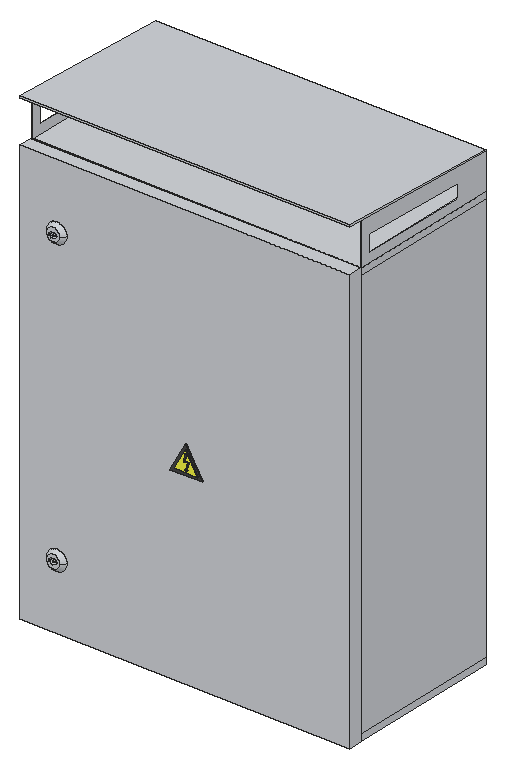
Revit family "STS-504АК_RV17_LOD400 (05.11.23)", category Электрооборудование, Revit 2017
Family settings
  Конфигурация панели = Два столбца, слева направо
  Размер круглого соединителя = Использовать диаметр
  Тип детали = Щит
  На основе рабочей плоскости = Нет
  Всегда вертикально = Да
  При загрузке вырезать с полостями = Нет
  Общий = Нет
  Точка расчета площади = Нет
Parameters (values of type "STS-504АК")
  Степень защиты = "IP54"
  Смещение_УГО_Y [instance] = 0 mm
  Смещение_УГО_X [instance] = 0 mm
  Раздел проекта [instance] = ""
  Раздел Спецификации [instance] = ""
  Поддержание внутренней регулируемой температуры, С = "от 0 до +50"
  Номинальный ток автоматического выключателя напряжения питания, А = 25 A
  Напряжение электропитания постоянного тока вентилятора, В = 12
  Напряжение электропитания переменного тока, В/Гц = "220/50"
  Напряжение = "220"
  Мощность обогрева, Вт = 75
  Мощность = "80"
  Конфигуратор контроллера STS-504 = "https://stilsoft.ru/calc504"
  Диапазон рабочих температур, °С = "от –40 до +50"
  Включение вентиляции при температуре, от, °С = 35
  Видимость_дверь [instance] = yes
  Видимость_УГО [instance] = yes
  Вариант исполнения = "уличный"
  В_Смещение_УГО_Y [instance] = Смещение_УГО_Y + 2000 mm  # 2000 mm
  В_Смещение_УГО_X [instance] = Смещение_УГО_X + 2000 mm  # 2000 mm
  d_короба = 0 mm
  ADSK_Размер_Ширина = 500 mm
  ADSK_Размер_Глубина = 257 mm
  ADSK_Размер_Высота = 715 mm
  ADSK_Примечание = ""
  ADSK_Наименование = "Контроллер STS-504АК"
  ADSK_Масса = 18
  ADSK_Марка = "СТАЕ.426471.550-01"
  ADSK_Количество = 1
  ADSK_Завод-изготовитель = "ООО «Основа Безопасности»"  # constant formula
  ADSK_Единица измерения = "шт."  # constant formula
  ADSK_URL страницы изделия = "https://stilsoft.ru/products/STS-504ak"
  ADSK_URL документации изделия = ""
Reference planes
  plane 1 "По центру (Вперед/Назад)": y = 0
  plane 2: z = 0
  plane 3 "По центру (Влево/Вправо)": x = 0
  plane 4: y = 2000
  plane 5: x = -2000
  plane 6: x = 0
  plane 7: y = 0
  plane 8 "4": x = 250
  plane 9 "3": x = -250
  plane 10 "дверь": y = -257
  plane 11: z = 650
  plane 12 "1": z = 6
  plane 13 "крыша": through (0, -257, 715) normal (0, -0.0389, -0.9992)
  plane 14: z = 715
Forms (mm)
  Extrusion 1, solid, detail levels medium+fine
    sketch origin (0, 0, 0) x (1, 0, 0) y (0, 1, 0)
      loop
        line (-250, 0) -> (-250, -235) -> (-240, -235) -> (-240, -10) -> (240, -10) -> (240, -235) -> (250, -235) -> (250, 0) -> (-250, 0)
    from 16 to 640
  Extrusion 2, solid, detail levels medium+fine
    sketch origin (0, 0, 0) x (1, 0, 0) y (0, 0, 1)
      loop
        line (-250, 16) -> (-250, 6) -> (250, 6) -> (250, 16) -> (-250, 16)
      loop
        line (-250, 650) -> (-250, 640) -> (250, 640) -> (250, 650) -> (-250, 650)
    from 0 to 235
  Revolve 3, solid, detail levels medium+fine
    sketch origin (-125, -42.49, 0) x (0, -1, 0) y (0, 0, 1)
      loop
        line (0, 0) -> (12, 0) -> (12, 2) -> (14.5, 2) -> (14.5, 4) -> (17, 4) -> (17, 4.951) -> (20.994, 4.951) -> (20.994, 6) -> (0, 6) -> (0, 0)
      axis (0, 6) -> (0, 0)
    angle from 0 to 360
  Revolve 4, solid, detail levels medium+fine
    sketch origin (-75, -55.774, 1200) x (0, -1, 0) y (0, 0, 1)
      loop
        line (-13.284, -1200) -> (-1.284, -1200) -> (-1.284, -1198) -> (1.216, -1198) -> (1.216, -1196) -> (3.716, -1196) -> (3.716, -1195.049) -> (7.71, -1195.049) -> (7.71, -1194) -> (-13.284, -1194) -> (-13.284, -1200)
      axis (-13.284, -1194) -> (-13.284, -1200)
    angle from 0 to 360
  Revolve 5, solid, detail levels medium+fine
    sketch origin (-25, -42.49, 0) x (0, -1, 0) y (0, 0, 1)
      loop
        line (0, 0) -> (12, 0) -> (12, 2) -> (14.5, 2) -> (14.5, 4) -> (17, 4) -> (17, 4.951) -> (20.994, 4.951) -> (20.994, 6) -> (0, 6) -> (0, 0)
      axis (0, 6) -> (0, 0)
    angle from 0 to 360
  Revolve 6, solid, detail levels medium+fine
    sketch origin (25, -55.774, 1200) x (0, -1, 0) y (0, 0, 1)
      loop
        line (-13.284, -1200) -> (-1.284, -1200) -> (-1.284, -1198) -> (1.216, -1198) -> (1.216, -1196) -> (3.716, -1196) -> (3.716, -1195.049) -> (7.71, -1195.049) -> (7.71, -1194) -> (-13.284, -1194) -> (-13.284, -1200)
      axis (-13.284, -1194) -> (-13.284, -1200)
    angle from 0 to 360
  Revolve 7, solid, detail levels medium+fine
    sketch origin (75, -42.49, 0) x (0, -1, 0) y (0, 0, 1)
      loop
        line (0, 0) -> (12, 0) -> (12, 2) -> (14.5, 2) -> (14.5, 4) -> (17, 4) -> (17, 4.951) -> (20.994, 4.951) -> (20.994, 6) -> (0, 6) -> (0, 0)
      axis (0, 6) -> (0, 0)
    angle from 0 to 360
  Revolve 8, solid, detail levels medium+fine
    sketch origin (125, -55.774, 1200) x (0, -1, 0) y (0, 0, 1)
      loop
        line (-13.284, -1200) -> (-1.284, -1200) -> (-1.284, -1198) -> (1.216, -1198) -> (1.216, -1196) -> (3.716, -1196) -> (3.716, -1195.049) -> (7.71, -1195.049) -> (7.71, -1194) -> (-13.284, -1194) -> (-13.284, -1200)
      axis (-13.284, -1194) -> (-13.284, -1200)
    angle from 0 to 360
  Revolve 9, solid, detail levels medium+fine
    sketch origin (-100, -97, 0) x (0, -1, 0) y (0, 0, 1)
      loop
        line (0, 0) -> (12, 0) -> (12, 2) -> (14.5, 2) -> (14.5, 4) -> (17, 4) -> (17, 4.951) -> (20.994, 4.951) -> (20.994, 6) -> (0, 6) -> (0, 0)
      axis (0, 6) -> (0, 0)
    angle from 0 to 360
  Revolve 10, solid, detail levels medium+fine
    sketch origin (-50, -110.284, 1200) x (0, -1, 0) y (0, 0, 1)
      loop
        line (-13.284, -1200) -> (-1.284, -1200) -> (-1.284, -1198) -> (1.216, -1198) -> (1.216, -1196) -> (3.716, -1196) -> (3.716, -1195.049) -> (7.71, -1195.049) -> (7.71, -1194) -> (-13.284, -1194) -> (-13.284, -1200)
      axis (-13.284, -1194) -> (-13.284, -1200)
    angle from 0 to 360
  Revolve 11, solid, detail levels medium+fine
    sketch origin (0, -97, 0) x (0, -1, 0) y (0, 0, 1)
      loop
        line (0, 0) -> (12, 0) -> (12, 2) -> (14.5, 2) -> (14.5, 4) -> (17, 4) -> (17, 4.951) -> (20.994, 4.951) -> (20.994, 6) -> (0, 6) -> (0, 0)
      axis (0, 6) -> (0, 0)
    angle from 0 to 360
  Revolve 12, solid, detail levels medium+fine
    sketch origin (50, -110.284, 1200) x (0, -1, 0) y (0, 0, 1)
      loop
        line (-13.284, -1200) -> (-1.284, -1200) -> (-1.284, -1198) -> (1.216, -1198) -> (1.216, -1196) -> (3.716, -1196) -> (3.716, -1195.049) -> (7.71, -1195.049) -> (7.71, -1194) -> (-13.284, -1194) -> (-13.284, -1200)
      axis (-13.284, -1194) -> (-13.284, -1200)
    angle from 0 to 360
  Revolve 13, solid, detail levels medium+fine
    sketch origin (100, -97, 0) x (0, -1, 0) y (0, 0, 1)
      loop
        line (0, 0) -> (12, 0) -> (12, 2) -> (14.5, 2) -> (14.5, 4) -> (17, 4) -> (17, 4.951) -> (20.994, 4.951) -> (20.994, 6) -> (0, 6) -> (0, 0)
      axis (0, 6) -> (0, 0)
    angle from 0 to 360
  Extrusion 14, void
    sketch origin (0, 0, 0) x (1, 0, 0) y (0, 1, 0)
      loop
        circle (-125, -42.655) r 21.159
      loop
        circle (-75, -42.655) r 21.159
      loop
        circle (-25, -42.655) r 21.159
      loop
        circle (25, -42.655) r 21.159
      loop
        circle (75, -42.655) r 21.159
      loop
        circle (125, -42.655) r 21.159
      loop
        circle (-100, -97.165) r 21.159
      loop
        circle (-50, -97.165) r 21.159
      loop
        circle (0, -97.165) r 21.159
      loop
        circle (50, -97.165) r 21.159
      loop
        circle (100, -97.165) r 21.159
    from 6 to 16
  Extrusion 15, solid, visible <- "Видимость_дверь", detail levels medium+fine
    sketch origin (0, -257, -6.264) x (1, 0, 0) y (0, 0, 1)
      loop
        line (-250, 656.264) -> (-250, 12.264) -> (250, 12.264) -> (250, 656.264) -> (-250, 656.264)
    from 0 to -20
  Extrusion 16, solid, detail levels medium+fine
    sketch origin (-250, 0, 0) x (0, -1, 0) y (0, 0, 1)
      loop
        line (0, 705) -> (257, 715) -> (257, 717) -> (0, 707) -> (0, 705)
    from 0 to -500
  Extrusion 17, solid, detail levels medium+fine
    sketch origin (-250, 0, -60) x (0, -1, 0) y (0, 0, 1)
      loop
        line (0, 765) -> (0, 710) -> (235, 710) -> (235, 774.144) -> (0, 765)
      loop
        line (53.915, 722.913) -> (217.367, 722.913)
        arc (217.367, 722.913) -> (220.373, 724.158) -> (221.619, 727.165) r 4.252
        line (221.619, 727.165) -> (221.619, 746.005)
        arc (221.619, 746.005) -> (220.46, 748.802) -> (217.664, 749.96) r 3.955
        line (217.664, 749.96) -> (54.15, 743.597)
        arc (54.15, 743.597) -> (52.36, 742.855) -> (51.618, 741.064) r 2.532
        line (51.618, 741.064) -> (51.618, 725.21)
        arc (51.618, 725.21) -> (52.291, 723.585) -> (53.915, 722.913) r 2.297
    from 0 to -1
  Blend 18, solid, visible <- "Видимость_дверь", detail levels medium+fine
    base sketch origin (-257.145, -257, 209.136) x (1, 0, 0) y (0, 0, 1)
      loop
        circle (62.491, 341.124) r 15
    top sketch origin (-257.145, -257, 209.136) x (1, 0, 0) y (0, 0, 1)
      loop
        circle (62.491, 341.124) r 10
    from 0 to 6
  Extrusion 19, void, detail levels medium+fine
    sketch origin (-257.145, -257, 209.136) x (1, 0, 0) y (0, 0, 1)
      loop
        circle (62.263, 340.268) r 0.888
      loop
        line (55.364, 341.514) -> (55.364, 339.117) -> (57.397, 339.117)
        arc (57.397, 339.117) -> (62.263, 335.268) -> (67.128, 339.117) r 5
        line (67.128, 339.117) -> (69.161, 339.117) -> (69.161, 341.514) -> (67.105, 341.514)
        arc (67.105, 341.514) -> (62.263, 345.268) -> (57.42, 341.514) r 5
        line (57.42, 341.514) -> (55.364, 341.514)
    from 6 to 0.529
  Blend 20, solid, visible <- "Видимость_дверь", detail levels medium+fine
    base sketch origin (-257.145, -257, 296.864) x (1, 0, 0) y (0, 0, 1)
      loop
        circle (62.491, -191.124) r 15
    top sketch origin (-257.145, -257, 296.864) x (1, 0, 0) y (0, 0, 1)
      loop
        circle (62.491, -191.124) r 10
    from 0 to 6
  Extrusion 21, void, detail levels medium+fine
    sketch origin (-257.145, -257, 296.864) x (1, 0, 0) y (0, 0, 1)
      loop
        circle (62.263, -190.268) r 0.888
      loop
        line (55.364, -191.514) -> (57.42, -191.514)
        arc (57.42, -191.514) -> (62.263, -195.268) -> (67.105, -191.514) r 5
        line (67.105, -191.514) -> (69.161, -191.514) -> (69.161, -189.117) -> (67.128, -189.117)
        arc (67.128, -189.117) -> (62.263, -185.268) -> (57.397, -189.117) r 5
        line (57.397, -189.117) -> (55.364, -189.117) -> (55.364, -191.514)
    from 6 to 0.529
  Extrusion 22, solid, material "ЗНАЧЕК (1)", visible <- "Видимость_дверь", detail levels medium+fine
    sketch origin (2.041, -257, 159.413) x (1, 0, 0) y (0, 0, 1)
      loop
        line (25, 130) -> (0, 173) -> (-25, 130) -> (25, 130)
    from 0 to 0.2
  Extrusion 23, solid, material "ЗНАЧЕК (2)", visible <- "Видимость_дверь", detail levels medium+fine
    sketch origin (2.041, -257, 159.413) x (1, 0, 0) y (0, 0, 1)
      loop
        line (18, 134) -> (0, 165) -> (-18, 134) -> (18, 134)
    from 0 to 0.3
  Extrusion 24, solid, material "ЗНАЧЕК (1)", visible <- "Видимость_дверь", detail levels medium+fine
    sketch origin (2.041, -257, 159.413) x (1, 0, 0) y (0, 0, 1)
      loop
        line (0, 159.8) -> (-1.4, 159.8) -> (-4.015, 147.497) -> (2.6, 148.075) -> (-0.309, 137.932) -> (-1.555, 137.932) -> (0, 135.238) -> (1.886, 137.932) -> (0.321, 137.932) -> (4.567, 149.598) -> (-2.041, 149.251) -> (1.799, 159.8) -> (0, 159.8)
    from 0 to 0.4
  Extrusion 25, solid, detail levels medium+fine
    sketch origin (250, 0, -60) x (0, -1, 0) y (0, 0, -1)
      loop
        line (0, -765) -> (235, -774.144) -> (235, -710) -> (0, -710) -> (0, -765)
      loop
        arc (53.915, -722.913) -> (52.291, -723.585) -> (51.618, -725.21) r 2.297
        line (51.618, -725.21) -> (51.618, -741.064)
        arc (51.618, -741.064) -> (52.36, -742.855) -> (54.15, -743.597) r 2.532
        line (54.15, -743.597) -> (217.664, -749.96)
        arc (217.664, -749.96) -> (220.46, -748.802) -> (221.619, -746.005) r 3.955
        line (221.619, -746.005) -> (221.619, -727.165)
        arc (221.619, -727.165) -> (220.373, -724.158) -> (217.367, -722.913) r 4.252
        line (217.367, -722.913) -> (53.915, -722.913)
    from 0 to -1
Cuts and joins
  Extrusion 14 cuts Extrusion 2
  Extrusion 19, Extrusion 21 cuts Blend 18
  Extrusion 21 cuts Blend 20
Dimensions and locks
  locked: plane 4 to plane 1 "По центру (Вперед/Назад)" at 2000
  locked: plane 5 to plane 3 "По центру (Влево/Вправо)" at 2000
  "В_Смещение_УГО_X": plane 5 to plane 6
  "В_Смещение_УГО_Y": plane 4 to plane 7
  "ADSK_Размер_Ширина": plane 9 "3" to plane 8 "4"
  "ADSK_Размер_Глубина": plane 10 "дверь" to plane 1 "По центру (Вперед/Назад)"
  equal spacing: plane 9 "3", plane 3 "По центру (Влево/Вправо)", plane 8 "4"
  "ADSK_Размер_Высота": plane 14 to level
  aligned and locked: level to plane 2
  aligned and locked: nested 1 to plane 7
  aligned and locked: plane 6 to nested 1
Automatic sketch dimensions
  plane 1 "По центру (Вперед/Назад)" to Extrusion 1 sketch curve = 0 mm
  Extrusion 1 sketch curve to plane 9 "3" = 0 mm
  Extrusion 1 sketch curve to plane 8 "4" = 0 mm
  Extrusion 1 sketch curve to plane 9 "3" = 10 mm
  Extrusion 1 sketch curve to plane 8 "4" = 10 mm
  plane 1 "По центру (Вперед/Назад)" to Extrusion 1 sketch curve = 10 mm
  Extrusion 1 sketch curve to plane 10 "дверь" = 22 mm  (x2)
  plane 9 "3" to Extrusion 2 sketch curve = 0 mm  (x2)
  Extrusion 2 sketch curve to plane 8 "4" = 0 mm  (x2)
  Extrusion 2 sketch curve to plane 12 "1" = 0 mm
  Extrusion 2 sketch curve to plane 11 = 0 mm
  plane 12 "1" to Extrusion 2 sketch curve = 10 mm
  Extrusion 2 sketch curve to plane 11 = 10 mm
  Revolve 3 sketch curve to plane 12 "1" = 0 mm  (x2)
  Revolve 3 sketch curve to level = 0 mm  (x2)
  plane 1 "По центру (Вперед/Назад)" to Revolve 3 sketch curve = 42.49 mm
  level to Revolve 3 sketch curve = 2 mm
  Revolve 3 sketch curve to Revolve 3 sketch curve = 12 mm
  Revolve 3 sketch curve to Revolve 3 sketch curve = 2.5 mm  (x2)
  Revolve 3 sketch curve to plane 12 "1" = 1.049 mm
  Revolve 3 sketch curve to Revolve 3 sketch curve = 3.994 mm
  Revolve 3 sketch curve to plane 12 "1" = 2 mm
  Revolve 3 sketch curve to Revolve 3 sketch curve = 0 mm
  Revolve 4 sketch curve to plane 12 "1" = 0 mm  (x2)
  Revolve 4 sketch curve to level = 0 mm  (x2)
  plane 1 "По центру (Вперед/Назад)" to Revolve 4 sketch curve = 42.49 mm
  level to Revolve 4 sketch curve = 2 mm
  Revolve 4 sketch curve to Revolve 4 sketch curve = 12 mm
  Revolve 4 sketch curve to Revolve 4 sketch curve = 2.5 mm  (x2)
  Revolve 4 sketch curve to plane 12 "1" = 1.049 mm
  Revolve 4 sketch curve to Revolve 4 sketch curve = 3.994 mm
  Revolve 4 sketch curve to plane 12 "1" = 2 mm
  Revolve 4 sketch curve to Revolve 4 sketch curve = 0 mm
  Revolve 5 sketch curve to plane 12 "1" = 0 mm  (x2)
  Revolve 5 sketch curve to level = 0 mm  (x2)
  plane 1 "По центру (Вперед/Назад)" to Revolve 5 sketch curve = 42.49 mm
  level to Revolve 5 sketch curve = 2 mm
  Revolve 5 sketch curve to Revolve 5 sketch curve = 12 mm
  Revolve 5 sketch curve to Revolve 5 sketch curve = 2.5 mm  (x2)
  Revolve 5 sketch curve to plane 12 "1" = 1.049 mm
  Revolve 5 sketch curve to Revolve 5 sketch curve = 3.994 mm
  Revolve 5 sketch curve to plane 12 "1" = 2 mm
  Revolve 5 sketch curve to Revolve 5 sketch curve = 0 mm
  Revolve 6 sketch curve to plane 12 "1" = 0 mm  (x2)
  Revolve 6 sketch curve to level = 0 mm  (x2)
  plane 1 "По центру (Вперед/Назад)" to Revolve 6 sketch curve = 42.49 mm
  level to Revolve 6 sketch curve = 2 mm
  Revolve 6 sketch curve to Revolve 6 sketch curve = 12 mm
  Revolve 6 sketch curve to Revolve 6 sketch curve = 2.5 mm  (x2)
  Revolve 6 sketch curve to plane 12 "1" = 1.049 mm
  Revolve 6 sketch curve to Revolve 6 sketch curve = 3.994 mm
  Revolve 6 sketch curve to plane 12 "1" = 2 mm
  Revolve 6 sketch curve to Revolve 6 sketch curve = 0 mm
  Revolve 7 sketch curve to plane 12 "1" = 0 mm  (x2)
  Revolve 7 sketch curve to level = 0 mm  (x2)
  plane 1 "По центру (Вперед/Назад)" to Revolve 7 sketch curve = 42.49 mm
  level to Revolve 7 sketch curve = 2 mm
  Revolve 7 sketch curve to Revolve 7 sketch curve = 12 mm
  Revolve 7 sketch curve to Revolve 7 sketch curve = 2.5 mm  (x2)
  Revolve 7 sketch curve to plane 12 "1" = 1.049 mm
  Revolve 7 sketch curve to Revolve 7 sketch curve = 3.994 mm
  Revolve 7 sketch curve to plane 12 "1" = 2 mm
  Revolve 7 sketch curve to Revolve 7 sketch curve = 0 mm
  Revolve 8 sketch curve to plane 12 "1" = 0 mm  (x2)
  Revolve 8 sketch curve to level = 0 mm  (x2)
  plane 1 "По центру (Вперед/Назад)" to Revolve 8 sketch curve = 42.49 mm
  level to Revolve 8 sketch curve = 2 mm
  Revolve 8 sketch curve to Revolve 8 sketch curve = 12 mm
  Revolve 8 sketch curve to Revolve 8 sketch curve = 2.5 mm  (x2)
  Revolve 8 sketch curve to plane 12 "1" = 1.049 mm
  Revolve 8 sketch curve to Revolve 8 sketch curve = 3.994 mm
  Revolve 8 sketch curve to plane 12 "1" = 2 mm
  Revolve 8 sketch curve to Revolve 8 sketch curve = 0 mm
  Revolve 9 sketch curve to plane 12 "1" = 0 mm  (x2)
  Revolve 9 sketch curve to level = 0 mm  (x2)
  plane 1 "По центру (Вперед/Назад)" to Revolve 9 sketch curve = 97 mm
  level to Revolve 9 sketch curve = 2 mm
  Revolve 9 sketch curve to Revolve 9 sketch curve = 12 mm
  Revolve 9 sketch curve to Revolve 9 sketch curve = 2.5 mm  (x2)
  Revolve 9 sketch curve to plane 12 "1" = 1.049 mm
  Revolve 9 sketch curve to Revolve 9 sketch curve = 3.994 mm
  Revolve 9 sketch curve to plane 12 "1" = 2 mm
  Revolve 9 sketch curve to Revolve 9 sketch curve = 0 mm
  Revolve 10 sketch curve to plane 12 "1" = 0 mm  (x2)
  Revolve 10 sketch curve to level = 0 mm  (x2)
  plane 1 "По центру (Вперед/Назад)" to Revolve 10 sketch curve = 97 mm
  level to Revolve 10 sketch curve = 2 mm
  Revolve 10 sketch curve to Revolve 10 sketch curve = 12 mm
  Revolve 10 sketch curve to Revolve 10 sketch curve = 2.5 mm  (x2)
  Revolve 10 sketch curve to plane 12 "1" = 1.049 mm
  Revolve 10 sketch curve to Revolve 10 sketch curve = 3.994 mm
  Revolve 10 sketch curve to plane 12 "1" = 2 mm
  Revolve 10 sketch curve to Revolve 10 sketch curve = 0 mm
  Revolve 11 sketch curve to plane 12 "1" = 0 mm  (x2)
  Revolve 11 sketch curve to level = 0 mm  (x2)
  plane 1 "По центру (Вперед/Назад)" to Revolve 11 sketch curve = 97 mm
  level to Revolve 11 sketch curve = 2 mm
  Revolve 11 sketch curve to Revolve 11 sketch curve = 12 mm
  Revolve 11 sketch curve to Revolve 11 sketch curve = 2.5 mm  (x2)
  Revolve 11 sketch curve to plane 12 "1" = 1.049 mm
  Revolve 11 sketch curve to Revolve 11 sketch curve = 3.994 mm
  Revolve 11 sketch curve to plane 12 "1" = 2 mm
  Revolve 11 sketch curve to Revolve 11 sketch curve = 0 mm
  Revolve 12 sketch curve to plane 12 "1" = 0 mm  (x2)
  Revolve 12 sketch curve to level = 0 mm  (x2)
  plane 1 "По центру (Вперед/Назад)" to Revolve 12 sketch curve = 97 mm
  level to Revolve 12 sketch curve = 2 mm
  Revolve 12 sketch curve to Revolve 12 sketch curve = 12 mm
  Revolve 12 sketch curve to Revolve 12 sketch curve = 2.5 mm  (x2)
  Revolve 12 sketch curve to plane 12 "1" = 1.049 mm
  Revolve 12 sketch curve to Revolve 12 sketch curve = 3.994 mm
  Revolve 12 sketch curve to plane 12 "1" = 2 mm
  Revolve 12 sketch curve to Revolve 12 sketch curve = 0 mm
  Revolve 13 sketch curve to plane 12 "1" = 0 mm  (x2)
  Revolve 13 sketch curve to level = 0 mm  (x2)
  plane 1 "По центру (Вперед/Назад)" to Revolve 13 sketch curve = 97 mm
  level to Revolve 13 sketch curve = 2 mm
  Revolve 13 sketch curve to Revolve 13 sketch curve = 12 mm
  Revolve 13 sketch curve to Revolve 13 sketch curve = 2.5 mm  (x2)
  Revolve 13 sketch curve to plane 12 "1" = 1.049 mm
  Revolve 13 sketch curve to Revolve 13 sketch curve = 3.994 mm
  Revolve 13 sketch curve to plane 12 "1" = 2 mm
  Revolve 13 sketch curve to Revolve 13 sketch curve = 0 mm
  Extrusion 14 sketch curve to plane 3 "По центру (Влево/Вправо)" = 0 mm
  Extrusion 14 sketch curve to plane 3 "По центру (Влево/Вправо)" = 25 mm
  Extrusion 14 sketch curve to plane 3 "По центру (Влево/Вправо)" = 50 mm
  Extrusion 14 sketch curve to Extrusion 14 sketch curve = 50 mm  (x7)
  plane 3 "По центру (Влево/Вправо)" to Extrusion 14 sketch curve = 25 mm
  plane 1 "По центру (Вперед/Назад)" to Extrusion 14 sketch curve = 97.165 mm  (x2)
  Extrusion 14 sketch curve to Extrusion 14 sketch curve = 0 mm  (x3)
  plane 1 "По центру (Вперед/Назад)" to Extrusion 14 sketch curve = 42.655 mm  (x6)
  plane 9 "3" to Extrusion 15 sketch curve = 0 mm
  Extrusion 15 sketch curve to plane 8 "4" = 0 mm
  Extrusion 15 sketch curve to plane 12 "1" = 0 mm
  Extrusion 15 sketch curve to plane 11 = 0 mm
  Extrusion 16 sketch curve to plane 1 "По центру (Вперед/Назад)" = 0 mm
  Extrusion 16 sketch curve to plane 10 "дверь" = 0 mm
  plane 13 "крыша" to Extrusion 16 sketch curve = 0 mm  (x2)
  Extrusion 16 sketch curve to Extrusion 16 sketch curve = 2 mm  (x2)
  Extrusion 17 sketch curve to plane 1 "По центру (Вперед/Назад)" = 0 mm
  Extrusion 17 sketch curve to plane 10 "дверь" = 22 mm
  Extrusion 17 sketch curve to plane 11 = 0 mm
  plane 13 "крыша" to Extrusion 17 sketch curve = 0 mm  (x2)
  plane 1 "По центру (Вперед/Назад)" to Extrusion 17 sketch curve = 51.618 mm
  Extrusion 17 sketch curve to Extrusion 17 sketch curve = 2.297 mm
  Extrusion 17 sketch curve to Extrusion 17 sketch curve = 2.532 mm
  plane 11 to Extrusion 17 sketch curve = 12.913 mm
  Extrusion 17 sketch curve to plane 10 "дверь" = 39.633 mm
  Extrusion 17 sketch curve to Extrusion 17 sketch curve = 0.297 mm
  Extrusion 17 sketch curve to Extrusion 17 sketch curve = 3.955 mm
  Extrusion 17 sketch curve to Extrusion 17 sketch curve = 15.855 mm
  Extrusion 17 sketch curve to Extrusion 17 sketch curve = 18.841 mm
  Blend 18 sketch curve to plane 9 "3" = 55.347 mm  (x2)
  Blend 18 sketch curve to plane 11 = 99.74 mm  (x2)
  Extrusion 19 sketch curve to Extrusion 19 sketch curve = 0 mm  (x6)
  Extrusion 19 sketch curve to plane 9 "3" = 48.219 mm
  Extrusion 19 sketch curve to Extrusion 19 sketch curve = 2.033 mm
  Extrusion 19 sketch curve to Extrusion 19 sketch curve = 2.057 mm  (x2)
  Extrusion 19 sketch curve to Extrusion 19 sketch curve = 4.866 mm
  Extrusion 19 sketch curve to Extrusion 19 sketch curve = 4.842 mm
  Extrusion 19 sketch curve to Extrusion 19 sketch curve = 0.023 mm
  Extrusion 19 sketch curve to plane 11 = 101.747 mm
  Extrusion 19 sketch curve to Extrusion 19 sketch curve = 1.151 mm
  Extrusion 19 sketch curve to Extrusion 19 sketch curve = 2.396 mm
  Blend 20 sketch curve to plane 9 "3" = 55.347 mm  (x2)
  plane 12 "1" to Blend 20 sketch curve = 99.74 mm  (x2)
  Extrusion 21 sketch curve to Extrusion 21 sketch curve = 0 mm  (x6)
  Extrusion 21 sketch curve to plane 9 "3" = 48.219 mm
  Extrusion 21 sketch curve to Extrusion 21 sketch curve = 2.033 mm
  Extrusion 21 sketch curve to Extrusion 21 sketch curve = 2.057 mm  (x2)
  Extrusion 21 sketch curve to Extrusion 21 sketch curve = 4.866 mm
  Extrusion 21 sketch curve to Extrusion 21 sketch curve = 4.842 mm
  Extrusion 21 sketch curve to Extrusion 21 sketch curve = 0.023 mm
  plane 12 "1" to Extrusion 21 sketch curve = 99.351 mm
  Extrusion 21 sketch curve to Extrusion 21 sketch curve = 1.246 mm
  Extrusion 21 sketch curve to Extrusion 21 sketch curve = 2.396 mm
  Extrusion 22 sketch curve to plane 3 "По центру (Влево/Вправо)" = 22.959 mm
  plane 3 "По центру (Влево/Вправо)" to Extrusion 22 sketch curve = 2.041 mm
  plane 3 "По центру (Влево/Вправо)" to Extrusion 22 sketch curve = 27.041 mm
  plane 12 "1" to Extrusion 22 sketch curve = 283.413 mm
  Extrusion 22 sketch curve to Extrusion 22 sketch curve = 43 mm
  Extrusion 23 sketch curve to plane 3 "По центру (Влево/Вправо)" = 15.959 mm
  plane 3 "По центру (Влево/Вправо)" to Extrusion 23 sketch curve = 2.041 mm
  plane 3 "По центру (Влево/Вправо)" to Extrusion 23 sketch curve = 20.041 mm
  plane 12 "1" to Extrusion 23 sketch curve = 287.413 mm
  Extrusion 23 sketch curve to Extrusion 23 sketch curve = 31 mm
  Extrusion 24 sketch curve to plane 3 "По центру (Влево/Вправо)" = 1.975 mm
  Extrusion 24 sketch curve to Extrusion 24 sketch curve = 1.975 mm
  plane 3 "По центру (Влево/Вправо)" to Extrusion 24 sketch curve = 0.485 mm
  plane 3 "По центру (Влево/Вправо)" to Extrusion 24 sketch curve = 0.641 mm
  Extrusion 24 sketch curve to Extrusion 24 sketch curve = 1.246 mm
  Extrusion 24 sketch curve to Extrusion 24 sketch curve = 1.4 mm
  Extrusion 24 sketch curve to Extrusion 24 sketch curve = 0.309 mm
  Extrusion 24 sketch curve to Extrusion 24 sketch curve = 0.63 mm
  Extrusion 24 sketch curve to Extrusion 24 sketch curve = 1.799 mm
  Extrusion 24 sketch curve to Extrusion 24 sketch curve = 1.565 mm
  Extrusion 24 sketch curve to Extrusion 24 sketch curve = 4.64 mm
  Extrusion 24 sketch curve to Extrusion 24 sketch curve = 1.968 mm
  plane 12 "1" to Extrusion 24 sketch curve = 288.651 mm
  Extrusion 24 sketch curve to Extrusion 24 sketch curve = 2.694 mm
  Extrusion 24 sketch curve to Extrusion 24 sketch curve = 0 mm
  Extrusion 24 sketch curve to Extrusion 24 sketch curve = 9.564 mm
  Extrusion 24 sketch curve to Extrusion 24 sketch curve = 0.579 mm
  Extrusion 24 sketch curve to Extrusion 24 sketch curve = 1.755 mm
  Extrusion 24 sketch curve to Extrusion 24 sketch curve = 1.522 mm
  Extrusion 24 sketch curve to Extrusion 24 sketch curve = 10.549 mm
  Extrusion 25 sketch curve to plane 1 "По центру (Вперед/Назад)" = 0 mm
  Extrusion 25 sketch curve to plane 10 "дверь" = 22 mm
  Extrusion 25 sketch curve to plane 13 "крыша" = 0 mm  (x2)
  Extrusion 25 sketch curve to plane 11 = 0 mm
  plane 1 "По центру (Вперед/Назад)" to Extrusion 25 sketch curve = 51.618 mm
  Extrusion 25 sketch curve to Extrusion 25 sketch curve = 2.297 mm
  Extrusion 25 sketch curve to Extrusion 25 sketch curve = 2.532 mm
  plane 11 to Extrusion 25 sketch curve = 12.913 mm
  Extrusion 25 sketch curve to plane 10 "дверь" = 39.633 mm
  Extrusion 25 sketch curve to Extrusion 25 sketch curve = 0.297 mm
  Extrusion 25 sketch curve to Extrusion 25 sketch curve = 3.955 mm
  Extrusion 25 sketch curve to Extrusion 25 sketch curve = 22.796 mm
  Extrusion 25 sketch curve to Extrusion 25 sketch curve = 18.387 mm
  radius of Extrusion 14 sketch curve = 21.159 mm  (x11)
  radius of Blend 18 sketch curve = 15 mm
  radius of Blend 18 sketch curve = 10 mm
  radius of Extrusion 19 sketch curve = 0.888 mm
  radius of Blend 20 sketch curve = 15 mm
  radius of Blend 20 sketch curve = 10 mm
  radius of Extrusion 21 sketch curve = 0.888 mm
Nested families
  nested 1: "УГО_Контроллер" at (0, 0, 0), visible <- "Видимость_УГО", type "УГО_Контроллер", detail levels coarse
Definition of nested family "УГО_Контроллер"
  Reference planes
    plane 1: y = 0
    plane 2: x = 0
  Lines and regions (mm)
    Filled region 1, type "Цветовая область 1"
      outline origin (0, 0, 0) x (1, 0, 0) y (0, 1, 0)
        loop
          line (0, -2.5) -> (0, -5) -> (5, -5) -> (5, -2.5) -> (0, -2.5)
    detail lines
      curve 1: line (5, 0, 0) -> (5, -5, 0)
      curve 2: line (5, -5, 0) -> (-5, -5, 0)
      curve 3: line (-5, -5, 0) -> (-5, 0, 0)
      curve 4: line (-5, 0, 0) -> (5, 0, 0)
      curve 5: line (5, -2.5, 0) -> (0, -2.5, 0)
      curve 6: line (0, -2.5, 0) -> (0, -5, 0)
